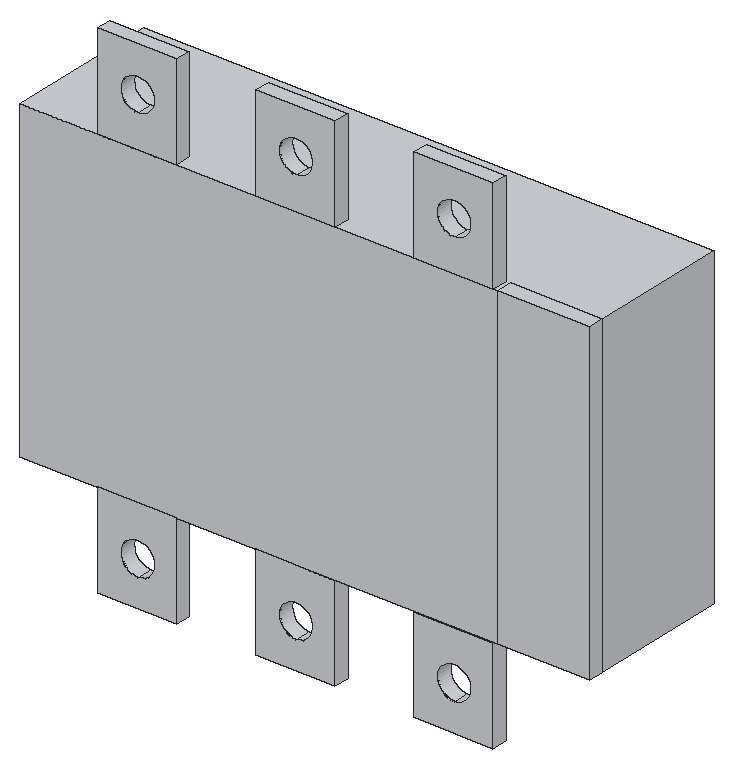
Revit family "Power-MouldedCaseDevices-GEWISS-97MSS-SWITCH_DISCONNECTOR_250_3P", category Apparecchi elettrici, host Muro, Revit 2016
Family settings
  Host = Muro
  Mantenere orientamento annotazione = Sì
  Tipo di parte = Normale
  Quota connettore circolare = Usa diametro
  Numero OmniClass = 23.80.50.00
  Titolo OmniClass = Terminals for Power Supply
  Sempre verticale = Sì
  Taglio con vuoti quando caricato = No
  Condiviso = No
  Punto di calcolo locali = Sì
Parameters (values of type "GW97729 - SWITCH DISCONNECTOR MSS 250 3P 250A")
  Version file RFA = "18.0"
  URL = "https://www.gewiss.com/ww/en"
  Technical sheet = "https://www.gewiss.com/ww/en/search?q=GW97729"
  SEO = "Disconnector"
  Realized by GEWISS S.p.A. = ""
  Rated voltage = "400V"
  Rated current: = "250A"
  Rated current (In) = "250A"
  Produttore = "GEWISS S.p.A."
  Number of poles = "3P"
  No. of poles = "3P"
  Modello = "GW97729"
  Label = "MSS 250"
  Immagine tipo = GW97729.jpg
  IFC.TypeObject = ""
  IFC.ExportType = ""
  IFC.ExportAs = ""
  IDT = "995b30e6-bc12-40ad-beca-8cd5aff8f7e2"
  IDF = "b491c06c-6c49-41eb-bcf7-d1657a9909a9"
  GW - Codice Electrocod = "150"
  EAN code = "8011564211490"
  Descrizione = "SWITCH DISCONNECTOR MSS 250 3P 250A"
  Catalogue Range = "97 MSS"
  Catalogue = "POWER"
  COBie.Tagnumber = ""
  COBie.CreatedOn = ""
  COBie.CreatebBy = ""
  COBie.ComponentRegisterItemID = ""
  COBie.Component.TagNumber = ""
  COBie.Component.Space = ""
  COBie.Component.SerialNumber = ""
  COBie.Component.InstallationDate = ""
  COBie.Component.Description = ""
  COBie.Component.BarCode = ""
Reference planes
  plane 1 "Muro": y = 0
  plane 2 "Centro (Sinistra/Destra)": x = 125
  plane 3 "Indietro": y = 75
Text (mm)
  text "Lato posizionamento" at (-1848.837, 1116.779, 0), in view "Livello rif."
  text "Lato posizionamento" at (0, 1409.804, 2854.306), in view "Sinistra"
  text "Lato posizionamento" at (0, 499.811, 2980.732), in view "Destra"
Dimensions and locks
  locked: plane 3 "Indietro" to host wall
  aligned and locked: plane 1 "Muro" to host wall
  aligned and locked: nested 1 to plane 2 "Centro (Sinistra/Destra)"
Nested families
  nested 1: "GENERICO -MSS250 SEZIONATORI ROTATIVI 250A 3P" at (125, 75, 816.64) x (-1, 0, 0) z (0, 0, 1), type "GWD8245 Sganciatore differenziale forma a L 4P per MTX/E160 - regolabile"
Definition of nested family "GENERICO -MSS250 SEZIONATORI ROTATIVI 250A 3P"
  Parameters (values of type "GWD8245 Sganciatore differenziale forma a L 4P per MTX/E160 - regolabile")
    h_barra din = if(Altezza barre = 1 mm, 69.9 mm, if(Altezza barre = 2 mm, 115.8 mm, 0 mm))  # 0 mm
    TIPO = 15
    Default Elevation = 1219.2 mm
    Type Image = element 25180
    IFC.TypeObject = ""
    IFC.ExportType = ""
    IFC.ExportAs = ""
    H = if(AB_O = 1, AB_V, if(AB_O = 2, AB_H, 50.8 mm))  # 50.8 mm
    GW96815 = TIPO = 15  # yes
    GW96814 = TIPO = 0  # no
    GW96813 = TIPO = 13  # no
    GW96810 = TIPO = 10  # no
    GW - Tipo = "Forma \"L\" 4P"
    GW - Installazione = "Piastra/guida DIN"
    GW - Descrizione = "BDR 160 FORMA \"L\" (MTX/E 160) 4P"
    GW - Costruttore = "GEWISS"
    GW - Codice Electrocod = "1511"
    GW - Codice = "GWD8245"
    GW - Catalogo = "POWER"
    GW - Caratteristiche = "Regolabile"
    GW - Adatto per = "MTX/E 160"
    GEWISS URL = "http://www.gewiss.com/prv/it_IT/index.html"
    GEWISS SCHEDA TECNICA = "http://pro.gewiss.com/irj/portal/?NavigationTarget=pcd:portal_content/com.gewiss.ZPPFDMain/com.gewiss.ZPPFDITMain/com.gewiss.ZPPFDITMainDefault/com.gewiss.ZPPFDITPages/com.gewiss.ZPPFDITPagesAP/com.gewiss.ZPPFDITPagesAPCatalogo/com.gewiss.ZPPPDITAPProductDetail&codProd=GWD8245"
    Dist barra din = 0 mm  # constant formula
    COBie.CreatedOn = ""
    COBie.CreatebBy = ""
    COBie.ComponentRegisterItemID = ""
    COBie.Component.TagNumber = ""
    COBie.Component.Space = ""
    COBie.Component.SerialNumber = ""
    COBie.Component.InstallationDate = ""
    COBie.Component.Description = ""
    COBie.Component.BarCode = ""
    C1 = 49 mm  # constant formula
    C = 50 mm  # constant formula
    B1 = 187 mm
    B = 100 mm  # constant formula
    Altezza barre = 5 mm  # constant formula
    AB_V = 3 mm  # constant formula
    AB_H = 5 mm  # constant formula
    AB_O = 0  # constant formula
    A2 = 120 mm  # constant formula
    A = 151 mm  # constant formula
  Types (2, lengths in mm): name | Type Image | GW - Descrizione | GW - Codice | GW - Caratteristiche | GEWISS SCHEDA TECNICA
    GWD8245 Sganciatore differenziale forma a L 4P per MTX/E160 - regolabile | element 25180 | "BDR 160 FORMA \"L\" (MTX/E 160) 4P" | "GWD8245" | "Regolabile" | "http://pro.gewiss.com/irj/portal/?NavigationTarget=pcd:portal_content/com.gewiss.ZPPFDMain/com.gewiss.ZPPFDITMain/com.gewiss.ZPPFDITMainDefault/com.gewiss.ZPPFDITPages/com.gewiss.ZPPFDITPagesAP/com.gewiss.ZPPFDITPagesAPCatalogo/com.gewiss.ZPPPDITAPProductDetail&codProd=GWD8245"
    GWD8244 Sganciatore differenziale forma a L 4P per MTX/E160 - istantaneo | element 25182 | "BDI 160 FORMA \"L\" (MTX/E 160) 4P" | "GWD8244" | "Istantaneo" | "http://pro.gewiss.com/irj/portal/?NavigationTarget=pcd:portal_content/com.gewiss.ZPPFDMain/com.gewiss.ZPPFDITMain/com.gewiss.ZPPFDITMainDefault/com.gewiss.ZPPFDITPages/com.gewiss.ZPPFDITPagesAP/com.gewiss.ZPPFDITPagesAPCatalogo/com.gewiss.ZPPPDITAPProductDetail&codProd=GWD8244"
  Reference planes
    plane 1 "Centro (Fronte/Retro)": y = 0
    plane 2: z = 0
    plane 3 "Centro (Sinistra/Destra)": x = 0
    plane 4: x = -75.5
    plane 5: x = 75.5
    plane 6: z = 130
    plane 7: z = 75
    plane 8: z = 124
    plane 9: x = -64.5
    plane 10: x = -15.5
    plane 11 "C1": y = -49
    plane 12: y = -44
    plane 13: z = 30
    plane 14: y = -5
  Forms (mm)
    Extrusion 1, solid
      sketch origin (0, -25, 0) x (0, 0, 1) y (1, 0, 0)
        loop
          line (130, 75.5) -> (30, 75.5) -> (30, -104.5) -> (130, -104.5) -> (130, 75.5)
      from -24 to 25
    Extrusion 2, void
      sketch origin (0, -49, 0) x (0, 0, 1) y (1, 0, 0)
        loop
          line (124, -64.5) -> (124, -15.5) -> (75, -15.5) -> (75, -64.5) -> (124, -64.5)
      from 0 to 5
    Extrusion 3, solid
      sketch origin (0, -49, 0) x (0, 0, 1) y (1, 0, 0)
        loop
          line (130, -49) -> (130, -74) -> (160, -74) -> (160, -49) -> (130, -49)
        loop
          line (130, 1) -> (130, -24) -> (160, -24) -> (160, 1) -> (130, 1)
        loop
          line (130, 26) -> (160, 26) -> (160, 51) -> (130, 51) -> (130, 26)
        loop
          line (130, -104.5) -> (130, -75.5) -> (30, -75.5) -> (30, -104.5) -> (130, -104.5)
        loop
          line (30, 51) -> (0, 51) -> (0, 26) -> (30, 26) -> (30, 51)
        loop
          line (30, -49) -> (0, -49) -> (0, -74) -> (30, -74) -> (30, -49)
        loop
          line (30, 1) -> (0, 1) -> (0, -24) -> (30, -24) -> (30, 1)
        loop
          circle (145.718, -61.806) r 5.279
        loop
          circle (145.718, -11.806) r 5.279
        loop
          circle (145.718, 38.194) r 5.279
        loop
          circle (14.282, -61.806) r 5.279
        loop
          circle (14.282, -11.806) r 5.279
        loop
          circle (14.282, 38.194) r 5.279
      from 44 to 49
    Extrusion 4, solid
      sketch origin (0, -49, 0) x (0, 0, 1) y (1, 0, 0)
        loop
          circle (100.454, -39.284) r 19.986
      from -3.053 to 5
    Extrusion 5, solid
      sketch origin (0, -49, 0) x (0, 0, 1) y (1, 0, 0)
        loop
          line (91.5, -44.5) -> (84.577, -51.423)
          arc (84.577, -51.423) -> (100.131, -59.267) -> (115.93, -51.93) r 19.986
          line (115.93, -51.93) -> (108.5, -44.5) -> (108.5, 71.805) -> (91.5, 71.805) -> (91.5, -44.5)
      from -6.808 to -3.053
  Cuts and joins
    Extrusion 2 cuts Extrusion 1
  Lines and regions (mm)
    model lines, visible <- "GW96810", not visible
      curve 1: circle (39.315, -11.642, 65) r 3.397 normal (0, 0, 1)
      curve 2: line (39.989, -9.925, 65) -> (37.628, -9.757, 65)
      curve 3: line (37.628, -9.757, 65) -> (37.797, -12.118, 65)
      curve 4: line (37.797, -12.118, 65) -> (39.989, -9.925, 65)
      curve 5: line (39.204, -10.711, 65) -> (41.666, -13.172, 65)
      curve 6: line (41.666, -13.172, 65) -> (41.043, -13.795, 65)
      curve 7: line (41.043, -13.795, 65) -> (38.582, -11.333, 65)
      curve 8: line (35.573, 5.976, 65) -> (43.073, 5.976, 65)
      curve 9: line (43.073, 5.976, 65) -> (43.073, -1.524, 65)
      curve 10: line (43.073, -1.524, 65) -> (35.573, -1.524, 65)
      curve 11: line (35.573, -1.524, 65) -> (35.573, 5.976, 65)
      curve 12: line (47.203, -21.5, 65) -> (31.703, -21.5, 65)
      curve 13: line (31.703, -21.5, 65) -> (31.703, 21.5, 65)
      curve 14: line (31.703, 21.5, 65) -> (47.203, 21.5, 65)
      curve 15: line (47.203, 21.5, 65) -> (47.203, -21.5, 65)
      curve 16: line (35.138, 19.047, 65) -> (35.138, 17.333, 65)
      curve 17: line (35.138, 17.333, 65) -> (34.564, 17.333, 65)
      curve 18: line (34.564, 17.333, 65) -> (34.232, 17.375, 65)
      curve 19: line (34.232, 17.375, 65) -> (33.824, 17.555, 65)
      curve 20: line (33.824, 17.555, 65) -> (33.501, 17.856, 65)
      curve 21: line (33.501, 17.856, 65) -> (33.287, 18.26, 65)
      curve 22: line (33.287, 18.26, 65) -> (33.22, 18.691, 65)
      curve 23: line (33.22, 18.691, 65) -> (33.284, 19.088, 65)
      curve 24: line (33.284, 19.088, 65) -> (33.456, 19.439, 65)
      curve 25: line (33.456, 19.439, 65) -> (33.765, 19.758, 65)
      curve 26: line (33.765, 19.758, 65) -> (34.139, 19.953, 65)
      curve 27: line (34.139, 19.953, 65) -> (34.559, 20.022, 65)
      curve 28: line (34.559, 20.022, 65) -> (35.138, 20.022, 65)
      curve 29: line (35.138, 20.022, 65) -> (35.138, 19.283, 65)
      curve 30: line (35.138, 19.283, 65) -> (34.163, 19.283, 65)
      curve 31: line (34.163, 19.283, 65) -> (34.163, 18.072, 65)
      curve 32: line (34.163, 18.072, 65) -> (34.401, 18.072, 65)
      curve 33: line (34.401, 18.072, 65) -> (34.401, 19.047, 65)
      curve 34: line (34.401, 19.047, 65) -> (35.138, 19.047, 65)
      curve 35: line (37.458, 17.333, 65) -> (35.375, 17.333, 65)
      curve 36: line (35.375, 17.333, 65) -> (35.375, 20.022, 65)
      curve 37: line (35.375, 20.022, 65) -> (36.483, 20.022, 65)
      curve 38: line (36.483, 20.022, 65) -> (36.483, 19.283, 65)
      curve 39: line (36.483, 19.283, 65) -> (36.113, 19.283, 65)
      curve 40: line (36.113, 19.283, 65) -> (36.113, 19.047, 65)
      curve 41: line (36.113, 19.047, 65) -> (37.458, 19.047, 65)
      curve 42: line (37.458, 19.047, 65) -> (37.458, 18.308, 65)
      curve 43: line (37.458, 18.308, 65) -> (36.114, 18.308, 65)
      curve 44: line (36.114, 18.308, 65) -> (36.114, 18.072, 65)
      curve 45: line (36.114, 18.072, 65) -> (37.458, 18.072, 65)
      curve 46: line (37.458, 18.072, 65) -> (37.458, 17.333, 65)
      curve 47: line (41.225, 17.333, 65) -> (41.225, 19.047, 65)
      curve 48: line (41.225, 19.047, 65) -> (40.486, 19.047, 65)
      curve 49: line (40.486, 19.047, 65) -> (40.486, 17.333, 65)
      curve 50: line (40.486, 17.333, 65) -> (41.225, 17.333, 65)
      curve 51: line (38.75, 17.333, 65) -> (38.972, 18.441, 65)
      curve 52: line (38.972, 18.441, 65) -> (39.193, 17.333, 65)
      curve 53: line (39.193, 17.333, 65) -> (39.932, 17.333, 65)
      curve 54: line (39.932, 17.333, 65) -> (40.39, 19.283, 65)
      curve 55: line (40.39, 19.283, 65) -> (41.225, 19.283, 65)
      curve 56: line (41.225, 19.283, 65) -> (41.225, 20.022, 65)
      curve 57: line (41.225, 20.022, 65) -> (39.806, 20.022, 65)
      curve 58: line (39.806, 20.022, 65) -> (39.541, 18.884, 65)
      curve 59: line (39.541, 18.884, 65) -> (39.356, 20.022, 65)
      curve 60: line (39.356, 20.022, 65) -> (38.588, 20.022, 65)
      curve 61: line (38.588, 20.022, 65) -> (38.403, 18.884, 65)
      curve 62: line (38.403, 18.884, 65) -> (38.137, 20.022, 65)
      curve 63: line (38.137, 20.022, 65) -> (36.719, 20.022, 65)
      curve 64: line (36.719, 20.022, 65) -> (36.719, 19.283, 65)
      curve 65: line (36.719, 19.283, 65) -> (37.554, 19.283, 65)
      curve 66: line (37.554, 19.283, 65) -> (38.011, 17.333, 65)
      curve 67: line (38.011, 17.333, 65) -> (38.75, 17.333, 65)
      curve 68: line (43.544, 20.022, 65) -> (41.461, 20.022, 65)
      curve 69: line (41.461, 20.022, 65) -> (41.461, 18.308, 65)
      curve 70: line (41.461, 18.308, 65) -> (42.805, 18.308, 65)
      curve 71: line (42.805, 18.308, 65) -> (42.805, 18.072, 65)
      curve 72: line (42.805, 18.072, 65) -> (41.461, 18.072, 65)
      curve 73: line (41.461, 18.072, 65) -> (41.461, 17.333, 65)
      curve 74: line (41.461, 17.333, 65) -> (43.544, 17.333, 65)
      curve 75: line (43.544, 17.333, 65) -> (43.544, 19.047, 65)
      curve 76: line (43.544, 19.047, 65) -> (42.2, 19.047, 65)
      curve 77: line (42.2, 19.047, 65) -> (42.2, 19.283, 65)
      curve 78: line (42.2, 19.283, 65) -> (43.544, 19.283, 65)
      curve 79: line (43.544, 19.283, 65) -> (43.544, 20.022, 65)
      curve 80: line (43.78, 20.022, 65) -> (43.78, 18.308, 65)
      curve 81: line (43.78, 18.308, 65) -> (45.034, 18.308, 65)
      curve 82: line (45.034, 18.308, 65) -> (45.034, 18.072, 65)
      curve 83: line (45.034, 18.072, 65) -> (43.78, 18.072, 65)
      curve 84: line (43.78, 18.072, 65) -> (43.78, 17.333, 65)
      curve 85: line (43.78, 17.333, 65) -> (44.519, 17.333, 65)
      curve 86: line (44.519, 17.333, 65) -> (44.945, 17.47, 65)
      curve 87: line (44.945, 17.47, 65) -> (45.221, 17.65, 65)
      curve 88: line (45.221, 17.65, 65) -> (45.536, 18.037, 65)
      curve 89: line (45.536, 18.037, 65) -> (45.682, 18.47, 65)
      curve 90: line (45.682, 18.47, 65) -> (45.687, 18.855, 65)
      curve 91: line (45.687, 18.855, 65) -> (45.647, 19.047, 65)
      curve 92: line (45.647, 19.047, 65) -> (44.519, 19.047, 65)
      curve 93: line (44.519, 19.047, 65) -> (44.519, 19.283, 65)
      curve 94: line (44.519, 19.283, 65) -> (45.546, 19.283, 65)
      curve 95: line (45.546, 19.283, 65) -> (45.413, 19.506, 65)
      curve 96: line (45.413, 19.506, 65) -> (45.221, 19.706, 65)
      curve 97: line (45.221, 19.706, 65) -> (44.953, 19.881, 65)
      curve 98: line (44.953, 19.881, 65) -> (44.674, 19.983, 65)
      curve 99: line (44.674, 19.983, 65) -> (44.36, 20.022, 65)
      curve 100: line (44.36, 20.022, 65) -> (43.78, 20.022, 65)
    model lines, visible <- "GW96813", not visible
      curve 101: circle (75.547, 75.845, 65) r 3.397 normal (0, 0, 1)
      curve 102: line (71.155, 106.621, 65) -> (71.155, 104.859, 65)
      curve 103: line (71.155, 104.859, 65) -> (70.565, 104.859, 65)
      curve 104: line (70.565, 104.859, 65) -> (70.222, 104.902, 65)
      curve 105: line (70.222, 104.902, 65) -> (69.803, 105.087, 65)
      curve 106: line (69.803, 105.087, 65) -> (69.47, 105.396, 65)
      curve 107: line (69.47, 105.396, 65) -> (69.25, 105.812, 65)
      curve 108: line (69.25, 105.812, 65) -> (69.182, 106.255, 65)
      curve 109: line (69.182, 106.255, 65) -> (69.248, 106.664, 65)
      curve 110: line (69.248, 106.664, 65) -> (69.425, 107.025, 65)
      curve 111: line (69.425, 107.025, 65) -> (69.742, 107.354, 65)
      curve 112: line (69.742, 107.354, 65) -> (70.127, 107.553, 65)
      curve 113: line (70.127, 107.553, 65) -> (70.559, 107.625, 65)
      curve 114: line (70.559, 107.625, 65) -> (71.155, 107.625, 65)
      curve 115: line (71.155, 107.625, 65) -> (71.155, 106.865, 65)
      curve 116: line (71.155, 106.865, 65) -> (70.152, 106.865, 65)
      curve 117: line (70.152, 106.865, 65) -> (70.152, 105.619, 65)
      curve 118: line (70.152, 105.619, 65) -> (70.396, 105.619, 65)
      curve 119: line (70.396, 105.619, 65) -> (70.396, 106.621, 65)
      curve 120: line (70.396, 106.621, 65) -> (71.155, 106.621, 65)
      curve 121: line (73.541, 104.859, 65) -> (71.398, 104.859, 65)
      curve 122: line (71.398, 104.859, 65) -> (71.398, 107.625, 65)
      curve 123: line (71.398, 107.625, 65) -> (72.538, 107.625, 65)
      curve 124: line (72.538, 107.625, 65) -> (72.538, 106.865, 65)
      curve 125: line (72.538, 106.865, 65) -> (72.158, 106.865, 65)
      curve 126: line (72.158, 106.865, 65) -> (72.158, 106.622, 65)
      curve 127: line (72.158, 106.622, 65) -> (73.541, 106.622, 65)
      curve 128: line (73.541, 106.622, 65) -> (73.541, 105.862, 65)
      curve 129: line (73.541, 105.862, 65) -> (72.158, 105.862, 65)
      curve 130: line (72.158, 105.862, 65) -> (72.158, 105.619, 65)
      curve 131: line (72.158, 105.619, 65) -> (73.541, 105.619, 65)
      curve 132: line (73.541, 105.619, 65) -> (73.541, 104.859, 65)
      curve 133: line (77.416, 104.859, 65) -> (77.416, 106.622, 65)
      curve 134: line (77.416, 106.622, 65) -> (76.656, 106.622, 65)
      curve 135: line (76.656, 106.622, 65) -> (76.656, 104.859, 65)
      curve 136: line (76.656, 104.859, 65) -> (77.416, 104.859, 65)
      curve 137: line (74.871, 104.859, 65) -> (75.099, 105.999, 65)
      curve 138: line (75.099, 105.999, 65) -> (75.327, 104.859, 65)
      curve 139: line (75.327, 104.859, 65) -> (76.086, 104.859, 65)
      curve 140: line (76.086, 104.859, 65) -> (76.557, 106.865, 65)
      curve 141: line (76.557, 106.865, 65) -> (77.416, 106.865, 65)
      curve 142: line (77.416, 106.865, 65) -> (77.416, 107.625, 65)
      curve 143: line (77.416, 107.625, 65) -> (75.957, 107.625, 65)
      curve 144: line (75.957, 107.625, 65) -> (75.684, 106.454, 65)
      curve 145: line (75.684, 106.454, 65) -> (75.494, 107.625, 65)
      curve 146: line (75.494, 107.625, 65) -> (74.704, 107.625, 65)
      curve 147: line (74.704, 107.625, 65) -> (74.514, 106.454, 65)
      curve 148: line (74.514, 106.454, 65) -> (74.24, 107.625, 65)
      curve 149: line (74.24, 107.625, 65) -> (72.781, 107.625, 65)
      curve 150: line (72.781, 107.625, 65) -> (72.781, 106.865, 65)
      curve 151: line (72.781, 106.865, 65) -> (73.64, 106.865, 65)
      curve 152: line (73.64, 106.865, 65) -> (74.11, 104.859, 65)
      curve 153: line (74.11, 104.859, 65) -> (74.871, 104.859, 65)
      curve 154: line (79.802, 107.625, 65) -> (77.659, 107.625, 65)
      curve 155: line (77.659, 107.625, 65) -> (77.659, 105.862, 65)
      curve 156: line (77.659, 105.862, 65) -> (79.042, 105.862, 65)
      curve 157: line (79.042, 105.862, 65) -> (79.042, 105.619, 65)
      curve 158: line (79.042, 105.619, 65) -> (77.659, 105.619, 65)
      curve 159: line (77.659, 105.619, 65) -> (77.659, 104.859, 65)
      curve 160: line (77.659, 104.859, 65) -> (79.802, 104.859, 65)
      curve 161: line (79.802, 104.859, 65) -> (79.802, 106.622, 65)
      curve 162: line (79.802, 106.622, 65) -> (78.419, 106.622, 65)
      curve 163: line (78.419, 106.622, 65) -> (78.419, 106.865, 65)
      curve 164: line (78.419, 106.865, 65) -> (79.802, 106.865, 65)
      curve 165: line (79.802, 106.865, 65) -> (79.802, 107.625, 65)
      curve 166: line (80.045, 107.625, 65) -> (80.045, 105.862, 65)
      curve 167: line (80.045, 105.862, 65) -> (81.335, 105.862, 65)
      curve 168: line (81.335, 105.862, 65) -> (81.335, 105.619, 65)
      curve 169: line (81.335, 105.619, 65) -> (80.045, 105.619, 65)
      curve 170: line (80.045, 105.619, 65) -> (80.045, 104.859, 65)
      curve 171: line (80.045, 104.859, 65) -> (80.805, 104.859, 65)
      curve 172: line (80.805, 104.859, 65) -> (81.244, 105, 65)
      curve 173: line (81.244, 105, 65) -> (81.527, 105.184, 65)
      curve 174: line (81.527, 105.184, 65) -> (81.851, 105.582, 65)
      curve 175: line (81.851, 105.582, 65) -> (82.002, 106.029, 65)
      curve 176: line (82.002, 106.029, 65) -> (82.006, 106.425, 65)
      curve 177: line (82.006, 106.425, 65) -> (81.965, 106.622, 65)
      curve 178: line (81.965, 106.622, 65) -> (80.805, 106.622, 65)
      curve 179: line (80.805, 106.622, 65) -> (80.805, 106.865, 65)
      curve 180: line (80.805, 106.865, 65) -> (81.862, 106.865, 65)
      curve 181: line (81.862, 106.865, 65) -> (81.724, 107.094, 65)
      curve 182: line (81.724, 107.094, 65) -> (81.527, 107.299, 65)
      curve 183: line (81.527, 107.299, 65) -> (81.252, 107.48, 65)
      curve 184: line (81.252, 107.48, 65) -> (80.964, 107.585, 65)
      curve 185: line (80.964, 107.585, 65) -> (80.641, 107.625, 65)
      curve 186: line (80.641, 107.625, 65) -> (80.045, 107.625, 65)
      curve 187: line (76.221, 77.561, 65) -> (73.86, 77.73, 65)
      curve 188: line (73.86, 77.73, 65) -> (74.028, 75.368, 65)
      curve 189: line (74.028, 75.368, 65) -> (76.221, 77.561, 65)
      curve 190: line (75.436, 76.776, 65) -> (77.898, 74.314, 65)
      curve 191: line (77.898, 74.314, 65) -> (77.275, 73.692, 65)
      curve 192: line (77.275, 73.692, 65) -> (74.814, 76.154, 65)
      curve 193: line (71.805, 93.463, 65) -> (79.305, 93.463, 65)
      curve 194: line (79.305, 93.463, 65) -> (79.305, 85.963, 65)
      curve 195: line (79.305, 85.963, 65) -> (71.805, 85.963, 65)
      curve 196: line (71.805, 85.963, 65) -> (71.805, 93.463, 65)
      curve 197: line (83.435, 65.987, 65) -> (67.935, 65.987, 65)
      curve 198: line (67.935, 65.987, 65) -> (67.935, 108.987, 65)
      curve 199: line (67.935, 108.987, 65) -> (83.435, 108.987, 65)
      curve 200: line (83.435, 108.987, 65) -> (83.435, 65.987, 65)
    model lines, visible <- "GW96815", not visible
      curve 201: line (151.162, 97.404, 65) -> (148.886, 96.753, 65)
      curve 202: line (148.886, 96.753, 65) -> (149.853, 94.593, 65)
      curve 203: line (149.853, 94.593, 65) -> (151.162, 97.404, 65)
      curve 204: line (150.693, 96.397, 65) -> (153.85, 94.928, 65)
      curve 205: line (153.85, 94.928, 65) -> (153.478, 94.13, 65)
      curve 206: line (153.478, 94.13, 65) -> (150.322, 95.599, 65)
      curve 207: line (152.018, 103.952, 65) -> (153.644, 105.673, 65)
      curve 208: line (153.644, 105.673, 65) -> (151.71, 107.038, 65)
      curve 209: line (151.71, 107.038, 65) -> (152.018, 103.952, 65)
      curve 210: line (151.908, 105.057, 65) -> (148.443, 104.711, 65)
      curve 211: line (148.443, 104.711, 65) -> (148.356, 105.587, 65)
      curve 212: line (148.356, 105.587, 65) -> (151.82, 105.933, 65)
      curve 213: line (149.709, 74.37, 65) -> (151.709, 73.102, 65)
      curve 214: line (151.709, 73.102, 65) -> (152.68, 75.26, 65)
      curve 215: line (152.68, 75.26, 65) -> (149.709, 74.37, 65)
      curve 216: line (150.773, 74.689, 65) -> (149.773, 78.023, 65)
      curve 217: line (149.773, 78.023, 65) -> (150.616, 78.276, 65)
      curve 218: line (150.616, 78.276, 65) -> (151.616, 74.941, 65)
      curve 219: line (144.902, 102.723, 65) -> (144.902, 108.399, 65)
      curve 220: line (144.902, 108.399, 65) -> (146.733, 108.399, 65)
      curve 221: line (146.733, 108.399, 65) -> (146.733, 102.723, 65)
      curve 222: line (146.733, 102.723, 65) -> (144.902, 102.723, 65)
      curve 223: line (144.902, 72.723, 65) -> (144.902, 78.399, 65)
      curve 224: line (144.902, 78.399, 65) -> (146.733, 78.399, 65)
      curve 225: line (146.733, 78.399, 65) -> (146.733, 72.723, 65)
      curve 226: line (146.733, 72.723, 65) -> (144.902, 72.723, 65)
      curve 227: line (151.099, 108.91, 65) -> (152.78, 108.459, 65)
      curve 228: line (152.78, 108.459, 65) -> (154.01, 107.229, 65)
      curve 229: line (154.01, 107.229, 65) -> (154.46, 105.549, 65)
      curve 230: line (154.46, 105.549, 65) -> (154.01, 103.869, 65)
      curve 231: line (154.01, 103.869, 65) -> (152.78, 102.639, 65)
      curve 232: line (152.78, 102.639, 65) -> (151.099, 102.189, 65)
      curve 233: line (151.099, 102.189, 65) -> (149.419, 102.639, 65)
      curve 234: line (149.419, 102.639, 65) -> (148.189, 103.869, 65)
      curve 235: line (148.189, 103.869, 65) -> (147.739, 105.549, 65)
      curve 236: line (147.739, 105.549, 65) -> (148.189, 107.229, 65)
      curve 237: line (148.189, 107.229, 65) -> (149.419, 108.459, 65)
      curve 238: line (149.419, 108.459, 65) -> (151.099, 108.91, 65)
      curve 239: line (147.739, 95.598, 65) -> (148.189, 97.278, 65)
      curve 240: line (148.189, 97.278, 65) -> (149.419, 98.508, 65)
      curve 241: line (149.419, 98.508, 65) -> (151.099, 98.958, 65)
      curve 242: line (151.099, 98.958, 65) -> (152.78, 98.508, 65)
      curve 243: line (152.78, 98.508, 65) -> (154.01, 97.278, 65)
      curve 244: line (154.01, 97.278, 65) -> (154.46, 95.598, 65)
      curve 245: line (154.46, 95.598, 65) -> (154.01, 93.918, 65)
      curve 246: line (154.01, 93.918, 65) -> (152.78, 92.688, 65)
      curve 247: line (152.78, 92.688, 65) -> (151.099, 92.237, 65)
      curve 248: line (151.099, 92.237, 65) -> (149.419, 92.688, 65)
      curve 249: line (149.419, 92.688, 65) -> (148.189, 93.918, 65)
      curve 250: line (148.189, 93.918, 65) -> (147.739, 95.598, 65)
      curve 251: line (147.739, 75.598, 65) -> (148.189, 77.278, 65)
      curve 252: line (148.189, 77.278, 65) -> (149.419, 78.508, 65)
      curve 253: line (149.419, 78.508, 65) -> (151.099, 78.958, 65)
      curve 254: line (151.099, 78.958, 65) -> (152.78, 78.508, 65)
      curve 255: line (152.78, 78.508, 65) -> (154.01, 77.278, 65)
      curve 256: line (154.01, 77.278, 65) -> (154.46, 75.598, 65)
      curve 257: line (154.46, 75.598, 65) -> (154.01, 73.918, 65)
      curve 258: line (154.01, 73.918, 65) -> (152.78, 72.688, 65)
      curve 259: line (152.78, 72.688, 65) -> (151.099, 72.237, 65)
      curve 260: line (151.099, 72.237, 65) -> (149.419, 72.688, 65)
      curve 261: line (149.419, 72.688, 65) -> (148.189, 73.918, 65)
      curve 262: line (148.189, 73.918, 65) -> (147.739, 75.598, 65)
      curve 263: line (151.162, 83.718, 65) -> (148.886, 84.369, 65)
      curve 264: line (148.886, 84.369, 65) -> (149.853, 86.529, 65)
      curve 265: line (149.853, 86.529, 65) -> (151.162, 83.718, 65)
      curve 266: line (150.693, 84.724, 65) -> (153.85, 86.193, 65)
      curve 267: line (153.85, 86.193, 65) -> (153.478, 86.991, 65)
      curve 268: line (153.478, 86.991, 65) -> (150.322, 85.522, 65)
      curve 269: line (147.739, 85.524, 65) -> (148.189, 83.844, 65)
      curve 270: line (148.189, 83.844, 65) -> (149.419, 82.614, 65)
      curve 271: line (149.419, 82.614, 65) -> (151.099, 82.164, 65)
      curve 272: line (151.099, 82.164, 65) -> (152.78, 82.614, 65)
      curve 273: line (152.78, 82.614, 65) -> (154.01, 83.844, 65)
      curve 274: line (154.01, 83.844, 65) -> (154.46, 85.524, 65)
      curve 275: line (154.46, 85.524, 65) -> (154.01, 87.204, 65)
      curve 276: line (154.01, 87.204, 65) -> (152.78, 88.434, 65)
      curve 277: line (152.78, 88.434, 65) -> (151.099, 88.884, 65)
      curve 278: line (151.099, 88.884, 65) -> (149.419, 88.434, 65)
      curve 279: line (149.419, 88.434, 65) -> (148.189, 87.204, 65)
      curve 280: line (148.189, 87.204, 65) -> (147.739, 85.524, 65)
    model lines, not visible
      curve 281: circle (304.259, 0, 141.711) r 0.678 normal (0, -1, 0)
      curve 282: circle (304.259, 0, 134.602) r 0.678 normal (0, -1, 0)
      curve 283: circle (301.178, 0, 82.361) r 0.678 normal (0, -1, 0)
      curve 284: circle (301.178, 0, 75.252) r 0.678 normal (0, -1, 0)
      curve 285: arc (282.756, 0, 157.287) -> (280.578, 0, 155.109) -> (282.756, 0, 152.931) r 2.178
      curve 286: arc (298.615, 0, 152.931) -> (300.337, 0, 153.775) -> (300.724, 0, 155.653) r 2.178
      curve 287: arc (300.501, 0, 156.198) -> (299.704, 0, 156.995) -> (298.615, 0, 157.287) r 2.178
      curve 288: circle (299.238, 0, 147.109) r 2.087 normal (0, -1, 0)
      curve 289: circle (284.942, 0, 131.54) r 3.735 normal (0, -1, 0)
      curve 290: circle (280.988, 0, 147.492) r 1.353 normal (0, -1, 0)
      curve 291: circle (299.609, 0, 60.13) r 5.811 normal (0, -1, 0)
      curve 292: circle (335.07, 0, 67.43) r 5.139 normal (0, -1, 0)
      curve 293: circle (382.98, 0, 67.43) r 5.139 normal (0, -1, 0)
      curve 294: circle (335.07, 0, 67.43) r 4.209 normal (0, -1, 0)
      curve 295: circle (382.98, 0, 67.43) r 4.209 normal (0, -1, 0)
      curve 296: line (278.189, 0, 207.62) -> (278.189, 0, 22.655)
      curve 297: line (278.189, 0, 22.655) -> (278.527, 0, 21.978)
      curve 298: line (278.527, 0, 21.978) -> (278.189, 0, 22.655)
      curve 299: line (278.527, 0, 21.978) -> (279.204, 0, 21.64)
      curve 300: line (279.204, 0, 21.64) -> (278.527, 0, 21.978)
      curve 301: line (308.193, 0, 50.181) -> (308.193, 0, 93.18)
      curve 302: line (308.193, 0, 93.18) -> (308.193, 0, 50.181)
      curve 303: line (308.193, 0, 50.181) -> (278.189, 0, 50.181)
      curve 304: line (281.236, 0, 21.64) -> (279.204, 0, 21.64)
      curve 305: line (279.204, 0, 21.64) -> (281.236, 0, 21.64)
      curve 306: line (308.193, 0, 189.62) -> (308.193, 0, 191.483)
      curve 307: line (308.193, 0, 191.483) -> (308.193, 0, 189.62)
      curve 308: line (307.137, 0, 93.18) -> (308.193, 0, 93.18)
      curve 309: line (308.193, 0, 93.18) -> (308.193, 0, 115.641)
      curve 310: line (308.193, 0, 115.641) -> (308.193, 0, 93.18)
      curve 311: line (308.193, 0, 93.18) -> (307.137, 0, 93.18)
      curve 312: line (305.275, 0, 159.149) -> (281.236, 0, 159.149)
      curve 313: line (281.236, 0, 159.149) -> (305.275, 0, 159.149)
      curve 314: line (305.275, 0, 159.149) -> (308.193, 0, 159.149)
      curve 315: line (308.193, 0, 159.149) -> (308.193, 0, 160.672)
      curve 316: line (308.193, 0, 160.672) -> (308.193, 0, 159.149)
      curve 317: line (308.193, 0, 159.149) -> (305.275, 0, 159.149)
      curve 318: line (308.193, 0, 117.165) -> (308.193, 0, 159.149)
      curve 319: line (308.193, 0, 159.149) -> (308.193, 0, 117.165)
      curve 320: line (308.193, 0, 117.165) -> (308.193, 0, 115.641)
      curve 321: line (308.193, 0, 115.641) -> (308.193, 0, 117.165)
      curve 322: line (281.236, 0, 159.149) -> (278.189, 0, 159.149)
      curve 323: line (278.189, 0, 159.149) -> (281.236, 0, 159.149)
      curve 324: line (305.275, 0, 115.641) -> (308.193, 0, 115.641)
      curve 325: line (308.193, 0, 115.641) -> (305.275, 0, 115.641)
      curve 326: line (305.275, 0, 115.641) -> (281.236, 0, 115.641)
      curve 327: line (281.236, 0, 115.641) -> (305.275, 0, 115.641)
      curve 328: line (281.236, 0, 115.641) -> (278.189, 0, 115.641)
      curve 329: line (278.189, 0, 115.641) -> (281.236, 0, 115.641)
      curve 330: line (308.193, 0, 93.18) -> (307.854, 0, 93.18)
      curve 331: line (307.854, 0, 93.18) -> (308.193, 0, 93.18)
      curve 332: line (308.193, 0, 93.18) -> (428.193, 0, 93.18)
      curve 333: line (428.193, 0, 93.18) -> (428.193, 0, 21.64)
      curve 334: line (428.193, 0, 21.64) -> (308.193, 0, 21.64)
      curve 335: line (308.193, 0, 21.64) -> (308.193, 0, 50.181)
      curve 336: line (308.193, 0, 50.181) -> (308.193, 0, 21.64)
      curve 337: line (308.193, 0, 21.64) -> (281.236, 0, 21.64)
      curve 338: line (281.236, 0, 21.64) -> (308.193, 0, 21.64)
      curve 339: line (285.468, 0, 93.18) -> (284.96, 0, 93.18)
      curve 340: line (284.96, 0, 93.18) -> (285.468, 0, 93.18)
      curve 341: line (280.897, 0, 93.18) -> (280.22, 0, 93.18)
      curve 342: line (280.22, 0, 93.18) -> (280.897, 0, 93.18)
      curve 343: line (282.082, 0, 93.18) -> (282.759, 0, 93.18)
      curve 344: line (282.759, 0, 93.18) -> (282.082, 0, 93.18)
      curve 345: line (283.436, 0, 93.18) -> (284.96, 0, 93.18)
      curve 346: line (284.96, 0, 93.18) -> (283.436, 0, 93.18)
      curve 347: line (279.373, 0, 93.18) -> (278.189, 0, 93.18)
      curve 348: line (278.189, 0, 93.18) -> (279.373, 0, 93.18)
      curve 349: line (279.373, 0, 93.18) -> (307.137, 0, 93.18)
      curve 350: line (307.137, 0, 93.18) -> (279.373, 0, 93.18)
      curve 351: line (278.527, 0, 208.298) -> (279.204, 0, 208.635)
      curve 352: line (279.204, 0, 208.635) -> (278.527, 0, 208.298)
      curve 353: line (278.527, 0, 208.298) -> (278.189, 0, 207.62)
      curve 354: line (278.189, 0, 207.62) -> (278.527, 0, 208.298)
      curve 355: line (281.236, 0, 191.387) -> (280.728, 0, 191.387)
      curve 356: line (280.728, 0, 191.387) -> (280.22, 0, 191.387)
      curve 357: line (280.22, 0, 191.387) -> (280.728, 0, 191.387)
      curve 358: line (280.728, 0, 191.387) -> (281.236, 0, 191.387)
      curve 359: line (282.082, 0, 191.387) -> (281.236, 0, 191.387)
      curve 360: line (281.236, 0, 191.387) -> (282.082, 0, 191.387)
      curve 361: line (282.082, 0, 191.387) -> (282.59, 0, 191.387)
      curve 362: line (282.59, 0, 191.387) -> (282.082, 0, 191.387)
      curve 363: line (283.945, 0, 191.387) -> (282.59, 0, 191.387)
      curve 364: line (282.59, 0, 191.387) -> (283.945, 0, 191.387)
      curve 365: line (283.945, 0, 191.387) -> (284.452, 0, 191.387)
      curve 366: line (284.452, 0, 191.387) -> (283.945, 0, 191.387)
      curve 367: line (285.637, 0, 191.387) -> (284.452, 0, 191.387)
      curve 368: line (284.452, 0, 191.387) -> (285.637, 0, 191.387)
      curve 369: line (285.637, 0, 191.387) -> (286.146, 0, 191.387)
      curve 370: line (286.146, 0, 191.387) -> (285.637, 0, 191.387)
      curve 371: line (287.5, 0, 191.387) -> (286.146, 0, 191.387)
      curve 372: line (286.146, 0, 191.387) -> (287.5, 0, 191.387)
      curve 373: line (287.5, 0, 191.387) -> (288.007, 0, 191.387)
      curve 374: line (288.007, 0, 191.387) -> (287.5, 0, 191.387)
      curve 375: line (289.362, 0, 191.387) -> (289.869, 0, 191.387)
      curve 376: line (289.869, 0, 191.387) -> (289.362, 0, 191.387)
      curve 377: line (289.362, 0, 191.387) -> (288.007, 0, 191.387)
      curve 378: line (288.007, 0, 191.387) -> (289.362, 0, 191.387)
      curve 379: line (291.563, 0, 191.387) -> (291.055, 0, 191.387)
      curve 380: line (291.055, 0, 191.387) -> (291.563, 0, 191.387)
      curve 381: line (291.563, 0, 191.387) -> (291.055, 0, 191.387)
      curve 382: line (291.055, 0, 191.387) -> (291.563, 0, 191.387)
      curve 383: line (292.917, 0, 191.387) -> (293.425, 0, 191.387)
      curve 384: line (293.425, 0, 191.387) -> (292.917, 0, 191.387)
      curve 385: line (292.917, 0, 191.387) -> (291.563, 0, 191.387)
      curve 386: line (291.563, 0, 191.387) -> (292.917, 0, 191.387)
      curve 387: line (294.61, 0, 191.387) -> (295.118, 0, 191.387)
      curve 388: line (295.118, 0, 191.387) -> (294.61, 0, 191.387)
      curve 389: line (294.61, 0, 191.387) -> (293.425, 0, 191.387)
      curve 390: line (293.425, 0, 191.387) -> (294.61, 0, 191.387)
      curve 391: line (296.472, 0, 191.387) -> (296.98, 0, 191.387)
      curve 392: line (296.98, 0, 191.387) -> (296.472, 0, 191.387)
      curve 393: line (296.472, 0, 191.387) -> (295.118, 0, 191.387)
      curve 394: line (295.118, 0, 191.387) -> (296.472, 0, 191.387)
      curve 395: line (298.334, 0, 191.387) -> (298.842, 0, 191.387)
      curve 396: line (298.842, 0, 191.387) -> (298.334, 0, 191.387)
      curve 397: line (298.334, 0, 191.387) -> (296.98, 0, 191.387)
      curve 398: line (296.98, 0, 191.387) -> (298.334, 0, 191.387)
      curve 399: line (300.027, 0, 191.387) -> (298.842, 0, 191.387)
      curve 400: line (298.842, 0, 191.387) -> (300.027, 0, 191.387)
      curve 401: line (300.027, 0, 191.387) -> (300.535, 0, 191.387)
      curve 402: line (300.535, 0, 191.387) -> (300.027, 0, 191.387)
      curve 403: line (301.889, 0, 191.387) -> (302.397, 0, 191.387)
      curve 404: line (302.397, 0, 191.387) -> (301.889, 0, 191.387)
      curve 405: line (301.889, 0, 191.387) -> (300.535, 0, 191.387)
      curve 406: line (300.535, 0, 191.387) -> (301.889, 0, 191.387)
      curve 407: line (303.752, 0, 191.387) -> (304.259, 0, 191.387)
      curve 408: line (304.259, 0, 191.387) -> (303.752, 0, 191.387)
      curve 409: line (303.752, 0, 191.387) -> (302.397, 0, 191.387)
      curve 410: line (302.397, 0, 191.387) -> (303.752, 0, 191.387)
      curve 411: line (305.444, 0, 191.387) -> (304.259, 0, 191.387)
      curve 412: line (304.259, 0, 191.387) -> (305.444, 0, 191.387)
      curve 413: line (305.444, 0, 191.387) -> (308.193, 0, 191.387)
      curve 414: line (308.193, 0, 191.387) -> (305.444, 0, 191.387)
      curve 415: line (280.728, 0, 191.387) -> (280.22, 0, 191.387)
      curve 416: line (280.22, 0, 191.387) -> (280.728, 0, 191.387)
      curve 417: line (280.22, 0, 191.387) -> (278.189, 0, 191.387)
      curve 418: line (278.189, 0, 191.387) -> (280.22, 0, 191.387)
      curve 419: line (279.204, 0, 208.635) -> (308.193, 0, 208.635)
      curve 420: line (308.193, 0, 208.635) -> (279.204, 0, 208.635)
      curve 421: line (291.055, 0, 191.387) -> (289.869, 0, 191.387)
      curve 422: line (289.869, 0, 191.387) -> (291.055, 0, 191.387)
      curve 423: line (308.193, 0, 185.388) -> (308.193, 0, 161.518)
      curve 424: line (308.193, 0, 161.518) -> (308.193, 0, 185.388)
      curve 425: line (306.63, 0, 137.309) -> (305.783, 0, 136.972)
      curve 426: line (305.783, 0, 136.972) -> (302.736, 0, 136.972)
      curve 427: line (302.736, 0, 136.972) -> (305.783, 0, 136.972)
      curve 428: line (305.783, 0, 136.972) -> (306.63, 0, 137.309)
      curve 429: line (302.736, 0, 139.342) -> (305.783, 0, 139.342)
      curve 430: line (305.783, 0, 139.342) -> (302.736, 0, 139.342)
      curve 431: line (302.736, 0, 139.342) -> (301.889, 0, 139.003)
      curve 432: line (301.889, 0, 139.003) -> (302.736, 0, 139.342)
      curve 433: line (301.889, 0, 139.003) -> (301.551, 0, 138.157)
      curve 434: line (301.551, 0, 138.157) -> (301.889, 0, 139.003)
      curve 435: line (301.551, 0, 138.157) -> (301.889, 0, 137.309)
      curve 436: line (301.889, 0, 137.309) -> (301.551, 0, 138.157)
      curve 437: line (301.889, 0, 137.309) -> (302.736, 0, 136.972)
      curve 438: line (302.736, 0, 136.972) -> (301.889, 0, 137.309)
      curve 439: line (308.193, 0, 128.168) -> (308.193, 0, 117.502)
      curve 440: line (308.193, 0, 117.502) -> (308.193, 0, 128.168)
      curve 441: line (308.193, 0, 148.145) -> (308.193, 0, 158.979)
      curve 442: line (308.193, 0, 158.979) -> (308.193, 0, 148.145)
      curve 443: line (278.189, 0, 160.637) -> (308.193, 0, 160.672)
      curve 444: line (308.193, 0, 160.672) -> (308.193, 0, 191.483)
      curve 445: line (308.193, 0, 191.483) -> (308.193, 0, 160.672)
      curve 446: line (308.193, 0, 115.641) -> (308.193, 0, 93.858)
      curve 447: line (308.193, 0, 93.858) -> (308.193, 0, 115.641)
      curve 448: line (308.193, 0, 150.176) -> (308.193, 0, 126.136)
      curve 449: line (308.193, 0, 126.136) -> (308.193, 0, 150.176)
      curve 450: line (308.193, 0, 208.635) -> (308.193, 0, 191.387)
      curve 451: line (308.193, 0, 191.387) -> (308.193, 0, 208.635)
      curve 452: line (305.783, 0, 139.342) -> (306.63, 0, 139.003)
      curve 453: line (306.63, 0, 139.003) -> (305.783, 0, 139.342)
      curve 454: line (306.63, 0, 139.003) -> (306.968, 0, 138.157)
      curve 455: line (306.968, 0, 138.157) -> (306.63, 0, 139.003)
      curve 456: line (306.968, 0, 138.157) -> (306.63, 0, 137.309)
      curve 457: line (306.63, 0, 137.309) -> (306.968, 0, 138.157)
      curve 458: line (303.548, 0, 77.959) -> (302.702, 0, 77.621)
      curve 459: line (302.702, 0, 77.621) -> (299.654, 0, 77.621)
      curve 460: line (299.654, 0, 77.621) -> (302.702, 0, 77.621)
      curve 461: line (302.702, 0, 77.621) -> (303.548, 0, 77.959)
      curve 462: line (299.654, 0, 79.991) -> (302.702, 0, 79.991)
      curve 463: line (302.702, 0, 79.991) -> (299.654, 0, 79.991)
      curve 464: line (299.654, 0, 79.991) -> (298.808, 0, 79.652)
      curve 465: line (298.808, 0, 79.652) -> (299.654, 0, 79.991)
      curve 466: line (298.808, 0, 79.652) -> (298.469, 0, 78.806)
      curve 467: line (298.469, 0, 78.806) -> (298.808, 0, 79.652)
      curve 468: line (298.469, 0, 78.806) -> (298.808, 0, 77.959)
      curve 469: line (298.808, 0, 77.959) -> (298.469, 0, 78.806)
      curve 470: line (298.808, 0, 77.959) -> (299.654, 0, 77.621)
      curve 471: line (299.654, 0, 77.621) -> (298.808, 0, 77.959)
      curve 472: line (302.702, 0, 79.991) -> (303.548, 0, 79.652)
      curve 473: line (303.548, 0, 79.652) -> (302.702, 0, 79.991)
      curve 474: line (303.548, 0, 79.652) -> (303.887, 0, 78.806)
      curve 475: line (303.887, 0, 78.806) -> (303.548, 0, 79.652)
      curve 476: line (303.887, 0, 78.806) -> (303.548, 0, 77.959)
      curve 477: line (303.548, 0, 77.959) -> (303.887, 0, 78.806)
      curve 478: line (288.425, 0, 121.937) -> (288.332, 0, 121.413)
      curve 479: line (288.332, 0, 121.413) -> (288.372, 0, 121.066)
      curve 480: line (288.372, 0, 121.066) -> (288.332, 0, 121.413)
      curve 481: line (288.332, 0, 121.413) -> (288.425, 0, 121.937)
      curve 482: line (288.372, 0, 121.066) -> (288.49, 0, 120.737)
      curve 483: line (288.49, 0, 120.737) -> (288.372, 0, 121.066)
      curve 484: line (288.49, 0, 120.737) -> (288.673, 0, 120.437)
      curve 485: line (288.673, 0, 120.437) -> (288.49, 0, 120.737)
      curve 486: line (288.673, 0, 120.437) -> (289.185, 0, 119.913)
      curve 487: line (289.185, 0, 119.913) -> (288.673, 0, 120.437)
      curve 488: line (289.185, 0, 119.913) -> (289.801, 0, 119.52)
      curve 489: line (289.801, 0, 119.52) -> (289.185, 0, 119.913)
      curve 490: line (289.801, 0, 119.52) -> (290.477, 0, 119.22)
      curve 491: line (290.477, 0, 119.22) -> (289.801, 0, 119.52)
      curve 492: line (290.477, 0, 119.22) -> (291.189, 0, 118.997)
      curve 493: line (291.189, 0, 118.997) -> (290.477, 0, 119.22)
      curve 494: line (291.189, 0, 118.997) -> (291.912, 0, 118.844)
      curve 495: line (291.912, 0, 118.844) -> (291.189, 0, 118.997)
      curve 496: line (291.912, 0, 118.844) -> (292.647, 0, 118.75)
      curve 497: line (292.647, 0, 118.75) -> (291.912, 0, 118.844)
      curve 498: line (292.647, 0, 118.75) -> (293.799, 0, 118.715)
      curve 499: line (293.799, 0, 118.715) -> (292.647, 0, 118.75)
      curve 500: line (293.799, 0, 118.715) -> (294.952, 0, 118.815)
      curve 501: line (294.952, 0, 118.815) -> (293.799, 0, 118.715)
      curve 502: line (294.952, 0, 118.815) -> (296.086, 0, 119.055)
      curve 503: line (296.086, 0, 119.055) -> (294.952, 0, 118.815)
      curve 504: line (296.086, 0, 119.055) -> (296.598, 0, 119.227)
      curve 505: line (296.598, 0, 119.227) -> (296.086, 0, 119.055)
      curve 506: line (296.598, 0, 119.227) -> (297.098, 0, 119.438)
      curve 507: line (297.098, 0, 119.438) -> (296.598, 0, 119.227)
      curve 508: line (297.098, 0, 119.438) -> (297.581, 0, 119.701)
      curve 509: line (297.581, 0, 119.701) -> (297.098, 0, 119.438)
      curve 510: line (297.581, 0, 119.701) -> (298.015, 0, 120.031)
      curve 511: line (298.015, 0, 120.031) -> (297.581, 0, 119.701)
      curve 512: line (298.015, 0, 120.031) -> (298.38, 0, 120.426)
      curve 513: line (298.38, 0, 120.426) -> (298.015, 0, 120.031)
      curve 514: line (298.38, 0, 120.426) -> (298.633, 0, 120.89)
      curve 515: line (298.633, 0, 120.89) -> (298.38, 0, 120.426)
      curve 516: line (298.633, 0, 120.89) -> (298.732, 0, 121.413)
      curve 517: line (298.732, 0, 121.413) -> (298.633, 0, 120.89)
      curve 518: line (298.732, 0, 121.413) -> (298.692, 0, 121.76)
      curve 519: line (298.692, 0, 121.76) -> (298.732, 0, 121.413)
      curve 520: line (298.692, 0, 121.76) -> (298.574, 0, 122.084)
      curve 521: line (298.574, 0, 122.084) -> (298.692, 0, 121.76)
      curve 522: line (298.574, 0, 122.084) -> (298.392, 0, 122.384)
      curve 523: line (298.392, 0, 122.384) -> (298.574, 0, 122.084)
      curve 524: line (298.392, 0, 122.384) -> (297.879, 0, 122.907)
      curve 525: line (297.879, 0, 122.907) -> (298.392, 0, 122.384)
      curve 526: line (297.879, 0, 122.907) -> (297.257, 0, 123.307)
      curve 527: line (297.257, 0, 123.307) -> (297.879, 0, 122.907)
      curve 528: line (297.257, 0, 123.307) -> (296.581, 0, 123.606)
      curve 529: line (296.581, 0, 123.606) -> (297.257, 0, 123.307)
      curve 530: line (296.581, 0, 123.606) -> (295.875, 0, 123.823)
      curve 531: line (295.875, 0, 123.823) -> (296.581, 0, 123.606)
      curve 532: line (295.875, 0, 123.823) -> (295.152, 0, 123.983)
      curve 533: line (295.152, 0, 123.983) -> (295.875, 0, 123.823)
      curve 534: line (295.152, 0, 123.983) -> (294.417, 0, 124.07)
      curve 535: line (294.417, 0, 124.07) -> (295.152, 0, 123.983)
      curve 536: line (294.417, 0, 124.07) -> (293.259, 0, 124.106)
      curve 537: line (293.259, 0, 124.106) -> (294.417, 0, 124.07)
      curve 538: line (293.259, 0, 124.106) -> (292.106, 0, 124.012)
      curve 539: line (292.106, 0, 124.012) -> (293.259, 0, 124.106)
      curve 540: line (292.106, 0, 124.012) -> (290.978, 0, 123.77)
      curve 541: line (290.978, 0, 123.77) -> (292.106, 0, 124.012)
      curve 542: line (290.978, 0, 123.77) -> (290.46, 0, 123.601)
      curve 543: line (290.46, 0, 123.601) -> (290.978, 0, 123.77)
      curve 544: line (290.46, 0, 123.601) -> (289.961, 0, 123.382)
      curve 545: line (289.961, 0, 123.382) -> (290.46, 0, 123.601)
      curve 546: line (289.961, 0, 123.382) -> (289.484, 0, 123.118)
      curve 547: line (289.484, 0, 123.118) -> (289.961, 0, 123.382)
      curve 548: line (289.484, 0, 123.118) -> (289.049, 0, 122.794)
      curve 549: line (289.049, 0, 122.794) -> (289.484, 0, 123.118)
      curve 550: line (289.049, 0, 122.794) -> (288.684, 0, 122.4)
      curve 551: line (288.684, 0, 122.4) -> (289.049, 0, 122.794)
      curve 552: line (288.684, 0, 122.4) -> (288.425, 0, 121.937)
      curve 553: line (288.425, 0, 121.937) -> (288.684, 0, 122.4)
      curve 554: line (293.629, 0, 119.913) -> (293.364, 0, 119.913)
      curve 555: line (293.364, 0, 119.913) -> (293.629, 0, 119.913)
      curve 556: line (293.629, 0, 119.913) -> (293.629, 0, 122.559)
      curve 557: line (293.629, 0, 122.559) -> (293.629, 0, 119.913)
      curve 558: line (294.625, 0, 122.559) -> (293.629, 0, 122.559)
      curve 559: line (293.629, 0, 122.559) -> (294.625, 0, 122.559)
      curve 560: line (294.625, 0, 122.559) -> (294.625, 0, 122.823)
      curve 561: line (294.625, 0, 122.823) -> (294.625, 0, 122.559)
      curve 562: line (294.625, 0, 122.823) -> (292.376, 0, 122.823)
      curve 563: line (292.376, 0, 122.823) -> (294.625, 0, 122.823)
      curve 564: line (293.364, 0, 119.913) -> (293.364, 0, 122.559)
      curve 565: line (293.364, 0, 122.559) -> (292.376, 0, 122.559)
      curve 566: line (292.376, 0, 122.559) -> (292.376, 0, 122.823)
      curve 567: line (292.376, 0, 122.823) -> (292.376, 0, 122.559)
      curve 568: line (292.376, 0, 122.559) -> (293.364, 0, 122.559)
      curve 569: line (293.364, 0, 122.559) -> (293.364, 0, 119.913)
      curve 570: line (289.255, 0, 157.171) -> (289.371, 0, 157.287)
      curve 571: line (282.756, 0, 157.287) -> (283.686, 0, 157.215)
      curve 572: line (283.686, 0, 157.215) -> (283.614, 0, 156.09)
      curve 573: line (283.614, 0, 156.09) -> (282.107, 0, 156.018)
      curve 574: line (282.107, 0, 156.018) -> (282.107, 0, 154.2)
      curve 575: line (282.107, 0, 154.2) -> (282.49, 0, 154.2)
      curve 576: line (282.49, 0, 154.2) -> (282.49, 0, 155.635)
      curve 577: line (282.49, 0, 155.635) -> (283.614, 0, 155.707)
      curve 578: line (283.614, 0, 155.707) -> (283.614, 0, 152.931)
      curve 579: line (283.614, 0, 152.931) -> (282.756, 0, 152.931)
      curve 580: line (287.443, 0, 155.635) -> (287.371, 0, 154.511)
      curve 581: line (287.371, 0, 154.511) -> (285.265, 0, 154.439)
      curve 582: line (285.265, 0, 154.439) -> (285.265, 0, 154.2)
      curve 583: line (285.265, 0, 154.2) -> (287.371, 0, 154.128)
      curve 584: line (287.371, 0, 154.128) -> (287.431, 0, 152.965)
      curve 585: line (287.371, 0, 152.931) -> (284.069, 0, 153.003)
      curve 586: line (284.069, 0, 153.003) -> (284.069, 0, 157.215)
      curve 587: line (284.069, 0, 157.215) -> (285.864, 0, 157.215)
      curve 588: line (285.864, 0, 157.215) -> (285.864, 0, 156.162)
      curve 589: line (285.792, 0, 156.09) -> (285.265, 0, 156.018)
      curve 590: line (285.265, 0, 156.018) -> (285.337, 0, 155.707)
      curve 591: line (285.337, 0, 155.707) -> (287.371, 0, 155.707)
      curve 592: line (290.314, 0, 152.931) -> (291.464, 0, 152.987)
      curve 593: line (291.464, 0, 152.987) -> (292.25, 0, 156.09)
      curve 594: line (292.25, 0, 156.09) -> (293.545, 0, 156.162)
      curve 595: line (293.545, 0, 156.162) -> (293.473, 0, 157.287)
      curve 596: line (293.473, 0, 157.287) -> (291.235, 0, 157.231)
      curve 597: line (291.235, 0, 157.231) -> (290.817, 0, 155.444)
      curve 598: line (290.817, 0, 155.444) -> (290.457, 0, 157.287)
      curve 599: line (290.457, 0, 157.287) -> (289.828, 0, 157.287)
      curve 600: line (289.828, 0, 157.287) -> (289.264, 0, 157.226)
      curve 601: line (289.264, 0, 157.226) -> (288.975, 0, 155.444)
      curve 602: line (288.975, 0, 155.444) -> (288.487, 0, 157.287)
      curve 603: line (288.487, 0, 157.287) -> (286.247, 0, 157.215)
      curve 604: line (286.247, 0, 157.215) -> (286.247, 0, 156.162)
      curve 605: line (286.247, 0, 156.162) -> (287.542, 0, 156.09)
      curve 606: line (287.542, 0, 156.09) -> (288.397, 0, 152.931)
      curve 607: line (288.397, 0, 152.931) -> (289.478, 0, 152.931)
      curve 608: line (289.478, 0, 152.931) -> (289.896, 0, 154.726)
      curve 609: line (289.896, 0, 154.726) -> (290.243, 0, 152.989)
      curve 610: line (293.545, 0, 153.003) -> (293.545, 0, 155.635)
      curve 611: line (293.545, 0, 155.635) -> (292.421, 0, 155.707)
      curve 612: line (292.421, 0, 155.707) -> (292.349, 0, 153.003)
      curve 613: line (292.349, 0, 153.003) -> (293.474, 0, 152.931)
      curve 614: line (293.928, 0, 157.215) -> (294, 0, 154.511)
      curve 615: line (294, 0, 154.511) -> (296.034, 0, 154.511)
      curve 616: line (296.034, 0, 154.511) -> (296.034, 0, 154.128)
      curve 617: line (296.034, 0, 154.128) -> (293.928, 0, 154.056)
      curve 618: line (293.928, 0, 154.056) -> (293.928, 0, 153.003)
      curve 619: line (293.928, 0, 153.003) -> (297.231, 0, 152.931)
      curve 620: line (297.231, 0, 152.931) -> (297.231, 0, 155.707)
      curve 621: line (297.231, 0, 155.707) -> (295.125, 0, 155.779)
      curve 622: line (295.125, 0, 155.779) -> (295.125, 0, 156.018)
      curve 623: line (295.125, 0, 156.018) -> (297.231, 0, 156.09)
      curve 624: line (297.231, 0, 156.09) -> (297.302, 0, 157.215)
      curve 625: line (297.302, 0, 157.215) -> (294, 0, 157.287)
      curve 626: line (300.654, 0, 155.707) -> (298.882, 0, 155.779)
      curve 627: line (298.882, 0, 155.779) -> (298.952, 0, 156.09)
      curve 628: line (298.952, 0, 156.09) -> (300.439, 0, 156.09)
      curve 629: line (298.615, 0, 157.287) -> (297.685, 0, 157.215)
      curve 630: line (297.685, 0, 157.215) -> (297.757, 0, 154.511)
      curve 631: line (297.757, 0, 154.511) -> (299.644, 0, 154.511)
      curve 632: line (299.644, 0, 154.511) -> (299.644, 0, 154.128)
      curve 633: line (299.644, 0, 154.128) -> (297.685, 0, 154.056)
      curve 634: line (297.685, 0, 154.056) -> (297.685, 0, 153.002)
      curve 635: line (297.685, 0, 153.002) -> (298.615, 0, 152.931)
      curve 636: line (278.189, 0, 151.221) -> (308.193, 0, 151.221)
      curve 637: line (298.06, 0, 148.832) -> (300.934, 0, 145.893)
      curve 638: line (297.542, 0, 148.325) -> (300.416, 0, 145.386)
      curve 639: line (297.592, 0, 56.664) -> (296.741, 0, 57.161)
      curve 640: line (296.741, 0, 57.161) -> (300.759, 0, 64.048)
      curve 641: line (300.759, 0, 64.048) -> (301.61, 0, 63.552)
      curve 642: line (301.61, 0, 63.552) -> (303.888, 0, 58.014)
      curve 643: line (303.888, 0, 58.014) -> (297.592, 0, 56.664)
      curve 644: line (297.592, 0, 56.664) -> (301.61, 0, 63.552)
      curve 645: circle (278.357, -25, 121.525) r 0.678 normal (0, -1, 0)
      curve 646: circle (278.357, -25, 114.416) r 0.678 normal (0, -1, 0)
      curve 647: circle (275.276, -25, 62.174) r 0.678 normal (0, -1, 0)
      curve 648: circle (275.276, -25, 55.065) r 0.678 normal (0, -1, 0)
      curve 649: arc (256.854, -25, 137.1) -> (254.676, -25, 134.922) -> (256.854, -25, 132.745) r 2.178
      curve 650: arc (272.713, -25, 132.745) -> (274.434, -25, 133.589) -> (274.821, -25, 135.467) r 2.178
      curve 651: arc (274.599, -25, 136.011) -> (273.802, -25, 136.808) -> (272.713, -25, 137.1) r 2.178
      curve 652: circle (273.335, -25, 126.922) r 2.087 normal (0, -1, 0)
      curve 653: circle (259.04, -25, 111.354) r 3.735 normal (0, -1, 0)
      curve 654: circle (255.086, -25, 127.305) r 1.353 normal (0, -1, 0)
      curve 655: circle (273.707, -25, 39.943) r 5.811 normal (0, -1, 0)
      curve 656: circle (309.168, -25, 47.243) r 5.139 normal (0, -1, 0)
      curve 657: circle (357.077, -25, 47.243) r 5.139 normal (0, -1, 0)
      curve 658: circle (309.168, -25, 47.243) r 4.209 normal (0, -1, 0)
      curve 659: circle (357.077, -25, 47.243) r 4.209 normal (0, -1, 0)
      curve 660: line (252.286, -25, 187.434) -> (252.286, -25, 2.468)
      curve 661: line (252.286, -25, 2.468) -> (252.624, -25, 1.791)
      curve 662: line (252.624, -25, 1.791) -> (252.286, -25, 2.468)
      curve 663: line (252.624, -25, 1.791) -> (253.302, -25, 1.453)
      curve 664: line (253.302, -25, 1.453) -> (252.624, -25, 1.791)
      curve 665: line (282.29, -25, 29.994) -> (282.29, -25, 72.994)
      curve 666: line (282.29, -25, 72.994) -> (282.29, -25, 29.994)
      curve 667: line (282.29, -25, 29.994) -> (252.286, -25, 29.994)
      curve 668: line (255.334, -25, 1.453) -> (253.302, -25, 1.453)
      curve 669: line (253.302, -25, 1.453) -> (255.334, -25, 1.453)
      curve 670: line (282.29, -25, 169.434) -> (282.29, -25, 171.296)
      curve 671: line (282.29, -25, 171.296) -> (282.29, -25, 169.434)
      curve 672: line (281.235, -25, 72.994) -> (282.29, -25, 72.994)
      curve 673: line (282.29, -25, 72.994) -> (282.29, -25, 95.455)
      curve 674: line (282.29, -25, 95.455) -> (282.29, -25, 72.994)
      curve 675: line (282.29, -25, 72.994) -> (281.235, -25, 72.994)
      curve 676: line (279.372, -25, 138.962) -> (255.334, -25, 138.962)
      curve 677: line (255.334, -25, 138.962) -> (279.372, -25, 138.962)
      curve 678: line (279.372, -25, 138.962) -> (282.29, -25, 138.962)
      curve 679: line (282.29, -25, 138.962) -> (282.29, -25, 140.486)
      curve 680: line (282.29, -25, 140.486) -> (282.29, -25, 138.962)
      curve 681: line (282.29, -25, 138.962) -> (279.372, -25, 138.962)
      curve 682: line (282.29, -25, 96.978) -> (282.29, -25, 138.962)
      curve 683: line (282.29, -25, 138.962) -> (282.29, -25, 96.978)
      curve 684: line (282.29, -25, 96.978) -> (282.29, -25, 95.455)
      curve 685: line (282.29, -25, 95.455) -> (282.29, -25, 96.978)
      curve 686: line (255.334, -25, 138.962) -> (252.286, -25, 138.962)
      curve 687: line (252.286, -25, 138.962) -> (255.334, -25, 138.962)
      curve 688: line (279.372, -25, 95.455) -> (282.29, -25, 95.455)
      curve 689: line (282.29, -25, 95.455) -> (279.372, -25, 95.455)
      curve 690: line (279.372, -25, 95.455) -> (255.334, -25, 95.455)
      curve 691: line (255.334, -25, 95.455) -> (279.372, -25, 95.455)
      curve 692: line (255.334, -25, 95.455) -> (252.286, -25, 95.455)
      curve 693: line (252.286, -25, 95.455) -> (255.334, -25, 95.455)
      curve 694: line (282.29, -25, 72.994) -> (281.952, -25, 72.994)
      curve 695: line (281.952, -25, 72.994) -> (282.29, -25, 72.994)
      curve 696: line (282.29, -25, 72.994) -> (402.291, -25, 72.994)
      curve 697: line (402.291, -25, 72.994) -> (402.291, -25, 1.453)
      curve 698: line (402.291, -25, 1.453) -> (282.29, -25, 1.453)
      curve 699: line (282.29, -25, 1.453) -> (282.29, -25, 29.994)
      curve 700: line (282.29, -25, 29.994) -> (282.29, -25, 1.453)
      curve 701: line (282.29, -25, 1.453) -> (255.334, -25, 1.453)
      curve 702: line (255.334, -25, 1.453) -> (282.29, -25, 1.453)
      curve 703: line (259.566, -25, 72.994) -> (259.058, -25, 72.994)
      curve 704: line (259.058, -25, 72.994) -> (259.566, -25, 72.994)
      curve 705: line (254.995, -25, 72.994) -> (254.318, -25, 72.994)
      curve 706: line (254.318, -25, 72.994) -> (254.995, -25, 72.994)
      curve 707: line (256.18, -25, 72.994) -> (256.857, -25, 72.994)
      curve 708: line (256.857, -25, 72.994) -> (256.18, -25, 72.994)
      curve 709: line (257.534, -25, 72.994) -> (259.058, -25, 72.994)
      curve 710: line (259.058, -25, 72.994) -> (257.534, -25, 72.994)
      curve 711: line (253.471, -25, 72.994) -> (252.286, -25, 72.994)
      curve 712: line (252.286, -25, 72.994) -> (253.471, -25, 72.994)
      curve 713: line (253.471, -25, 72.994) -> (281.235, -25, 72.994)
      curve 714: line (281.235, -25, 72.994) -> (253.471, -25, 72.994)
      curve 715: line (252.624, -25, 188.111) -> (253.302, -25, 188.449)
      curve 716: line (253.302, -25, 188.449) -> (252.624, -25, 188.111)
